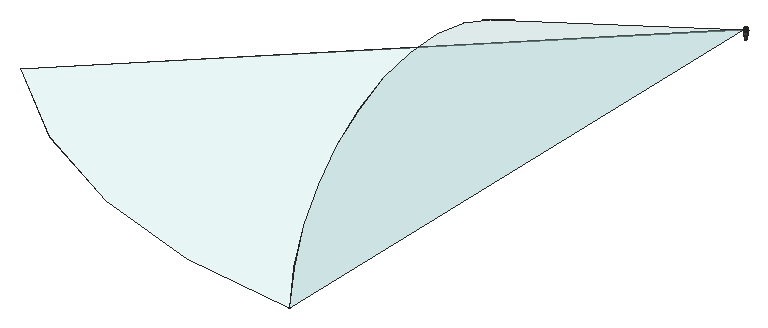
Revit family "Rotor 2045 Series - 2045A", category Acessórios do tubo, Revit 2020
Family settings
  Cota do conector redondo = Utilizar diâmetro
  Tipo de parte = Normal
  Número OmniClass = 23.60.30.11.14
  Título OmniClass = Pipework Fittings
  Com base no plano de trabalho = Não
  Sempre na vertical = Sim
  Corte com vazios quando carregada = Não
  Compartilhado = Não
Parameters (values of type "Nozzle 10")
  Water = Water
  URL = "https://www.rainbird.com/"
  TABLE 60 = "TABLE 60 psi"
  TABLE 55 = "TABLE 55psi"
  TABLE 45 = "TABLE 45psi"
  TABLE 35 = "TABLE 35psi"
  TABLE 25 = "TABLE 25psi"
  SupportProjetos: Reviw Date = ""  # constant formula
  SupportProjetos: Reviw = "R00"  # constant formula
  SupportProjetos: Level of Detail = "LOD 300"  # constant formula
  SupportProjetos: Developed = "MICHEL SOARES MOTA"  # constant formula
  SupportProjetos: Creation Date = "14/08/2020"  # constant formula
  Side inlet = no
  Rotation Water Visibility [instance] = Pop up on  # yes
  Rotation Angle [instance] = 45.00°
  RainBird: Product Link = "https://www.rainbird.com/"
  RainBird: Description = "2045A Rotor "  # constant formula
  RainBird: Comment [instance] = ""
  RainBird: Code = "B0690008"  # constant formula
  Radius [instance] = if(and(Pressure = 25.0 psi, Instance > 1 ft), size_lookup(TABLE 25, "Radius", 0 ft, Instance), if(and(Pressure = 35.0 psi, Instance > 0 ft), size_lookup(TABLE 35, "Radius", 0 ft, Instance), if(and(Pressure = 45.0 psi, Instance > 0 ft), size_lookup(TABLE 45, "Radius", 0 ft, Instance), if(and(Pressure = 55.0 psi, Instance > 0 ft), size_lookup(TABLE 55, "Radius", 0 ft, Instance), if(and(Pressure = 60.0 psi, Instance > 0 ft), size_lookup(TABLE 60, "Radius", 0 ft, Instance), 600 ft)))))  # 41 ft
  RT = 0.009893 ft
  RN = 0.041667 ft
  R5 = 0.03937 ft
  R4 = 0.049213 ft
  R3 = 0.065617 ft
  R2 = 0.107455 ft
  R1 = 0.032808 ft
  Pressure [instance] = 35.0 psi
  Pop up height = 0.164042 ft
  Pop up on [instance] = yes
  Modelo = "2045A"  # constant formula
  Instance = 6 ft
  H1 = Body height / 3  # 0.194663 ft
  Flow [instance] = if(and(Pressure = 25.0 psi, Instance > 1 ft), size_lookup(TABLE 25, "Flow", 0.0 GPM, Instance), if(and(Pressure = 35.0 psi, Instance > 0 ft), size_lookup(TABLE 35, "Flow", 0.0 GPM, Instance), if(and(Pressure = 45.0 psi, Instance > 0 ft), size_lookup(TABLE 45, "Flow", 0.0 GPM, Instance), if(and(Pressure = 55.0 psi, Instance > 0 ft), size_lookup(TABLE 55, "Flow", 0.0 GPM, Instance), if(and(Pressure = 60.0 psi, Instance > 0 ft), size_lookup(TABLE 60, "Flow", 0.0 GPM, Instance), 0.0 GPM)))))  # 4.8 GPM
  Fabricante = "Rain Bird"
  Elevação padrão = 0 ft
  Description = RainBird: Description  # "2045A Rotor "
  DD13 = 0.002625 ft
  DD12 = 0.003937 ft
  DD11 = 0.009897 ft
  DD10 = 0.016404 ft
  DD8 [instance] = if(Pop up on, Pop up height, 0 ft)  # 0.164042 ft
  DD7 = 0.019685 ft
  DD6 [instance] = 0.016404 ft
  DD5 = 0.065617 ft
  DD4 = 0.082021 ft
  DD3 = 0.295276 ft
  DD2 [instance] = 0.024514 ft
  DD9 [instance] = if(Pop up on, Pop up height + 0.049541 ft, 0.026247 ft)  # 0.213583 ft
  DD1 = 0.006562 ft
  DD = 0.114829 ft
  Conection = 0.062664 ft  # constant formula
  Body height = 0.58399 ft
  Blue = Blue Plastic
  Black Plastic = Black Plastic
  Angle = 25.00°
Types (8, lengths in ft): name | Rotation Angle | Radius | Pressure | Instance | Flow
  (no name) | 45.00° | 41 | 35.0 psi | 6 | 4.8 GPM
  Nozzle 06 | 360.00° | 37 | 35.0 psi | 1 | 2.0 GPM
  Nozzle 07 LA | 45.00° | 23 | 35.0 psi | 2 | 1.9 GPM
  Nozzle 07 | 45.00° | 39 | 45.0 psi | 3 | 3.0 GPM
  Nozzle 08 | 45.00° | 38 | 35.0 psi | 4 | 3.3 GPM
  Nozzle 10 LA | 45.00° | 29 | 35.0 psi | 5 | 4.0 GPM
  Nozzle 10 | 45.00° | 41 | 35.0 psi | 6 | 4.8 GPM
  Nozzle 12 | 45.00° | 42 | 35.0 psi | 7 | 6.3 GPM
Reference planes (ft)
  plane 1 "Centro (Frente/Trás)": y = 0
  plane 2: z = 0
  plane 3 "Centro (Esquerda/Direita)": x = 0
  plane 4: z = 0.003937
  plane 5: z = 0.002625
  plane 6: y = -0.065617
Forms (ft)
  Revolve 1, solid, material "Black Plastic" <- "Black Plastic"
    sketch origin (0, 0, 0) x (1, 0, 0) y (0, 0, 1)
      loop
        line (0.107455, -0.289018) -> (0.107455, -0.018846) -> (0.136328, -0.018846)
        arc (0.136328, -0.018846) -> (0.133415, -0.005812) -> (0.121391, 0) r 0.015342
        line (0.121391, 0) -> (0.022966, 0) -> (0.022966, 0.164042) -> (0.110538, 0.164042) -> (0.110538, 0.170878)
        arc (0.110538, 0.170878) -> (0.108361, 0.176135) -> (0.103103, 0.178312) r 0.007435
        line (0.103103, 0.178312) -> (0.006562, 0.178312) -> (0.006562, -0.044055) -> (0.03937, -0.044055) -> (0.03937, -0.334646) -> (0.019685, -0.334646) -> (0.019685, -0.551181) -> (0.041667, -0.551181) -> (0.041667, -0.58399) -> (0.049213, -0.58399) -> (0.049213, -0.551181) -> (0.065319, -0.551181)
        arc (0.065319, -0.551181) -> (0.072314, -0.548284) -> (0.075211, -0.541288) r 0.009893
        line (0.075211, -0.541288) -> (0.075211, -0.295276) -> (0.101198, -0.295276)
        arc (0.101198, -0.295276) -> (0.105623, -0.293443) -> (0.107455, -0.289018) r 0.006257
      axis (0, -0.58399) -> (0, 0.178312)
    angle from 0 to 360
  Extrusion 2, solid, material "Water" <- "Water", visible <- "Rotation Water Visibility"
    sketch origin (0, 0, 0) x (0, 1, 0) y (0, 0, 1)
      loop
        line (-0.082021, 0.117454) -> (-22.964454, 10.787708)
        arc (-22.964454, 10.787708) -> (-34.829931, 10.218209) -> (-41.082021, 0.117454) r 12.757305
        line (-41.082021, 0.117454) -> (-0.082021, 0.117454)
    from -0.008202 to 0.008202
  Extrusion 3, solid, material "Black Plastic" <- "Black Plastic", visible <- "Pop up on"
    sketch origin (-0.00137, -0.002795, -0.035698) x (-0.00469, 0.999989, 0) y (0, 0, 1)
      loop
        line (-0.040994, 0.156611) -> (-0.048436, 0.14065)
        arc (-0.048436, 0.14065) -> (-0.072997, 0.145588) -> (-0.053427, 0.129948) r 0.012889
        line (-0.053427, 0.129948) -> (-0.053427, 0.094988)
        arc (-0.053427, 0.094988) -> (-0.052568, 0.092915) -> (-0.050495, 0.092056) r 0.002932
        line (-0.050495, 0.092056) -> (-0.041469, 0.092056) -> (-0.041469, 0.095737) -> (-0.019952, 0.081224) -> (0.037968, 0.081224) -> (0.040501, 0.065363) -> (0.040501, 0.035698) -> (0.04524, 0.035698) -> (0.050298, 0.081224) -> (0.050298, 0.100559) -> (0.072978, 0.106863)
        arc (0.072978, 0.106863) -> (0.078924, 0.117387) -> (0.068401, 0.123333) r 0.008547
        line (0.068401, 0.123333) -> (0.050298, 0.110657) -> (0.050298, 0.150049)
        arc (0.050298, 0.150049) -> (0.048376, 0.154689) -> (0.043737, 0.156611) r 0.006562
        line (0.043737, 0.156611) -> (-0.040994, 0.156611)
      loop
        line (-0.034211, 0.143466) -> (-0.034211, 0.125376) -> (-0.014598, 0.11623) -> (0.01821, 0.11623) -> (0.040501, 0.108117) -> (0.040501, 0.143466) -> (-0.034211, 0.143466)
      loop
        line (-0.034211, 0.107286) -> (-0.014889, 0.094253) -> (0.040501, 0.094253) -> (0.040501, 0.104202) -> (0.016551, 0.106863) -> (-0.016257, 0.106863) -> (-0.034211, 0.118973) -> (-0.034211, 0.107286)
    from -0.012219 to 0.012755
Dimensions and locks (ft)
  "Body height": level to Revolve 1 sketch curve
  "R2": Revolve 1 sketch curve to plane 3 "Centro (Esquerda/Direita)"
  "DD3": level to Revolve 1 sketch curve
  Revolve 1 sketch curve to plane 3 "Centro (Esquerda/Direita)" = 0.075211 ft
  "R4": Revolve 1 sketch curve to plane 3 "Centro (Esquerda/Direita)"
  "RN": Revolve 1 sketch curve to plane 3 "Centro (Esquerda/Direita)"
  "DD7": Revolve 1 sketch curve to plane 3 "Centro (Esquerda/Direita)"
  "DD12": plane 4 to level
  "DD13": plane 5 to level
  "R3": plane 6 to plane 1 "Centro (Frente/Trás)"
  "DD4": plane 1 "Centro (Frente/Trás)" to Extrusion 2 sketch curve
  "Radius": Extrusion 2 sketch curve to Extrusion 2 sketch curve
  equal spacing: Extrusion 2, plane 3 "Centro (Esquerda/Direita)", Extrusion 2
  "DD6": Extrusion 2 to Extrusion 2
  "DD8": Revolve 1 sketch curve to Revolve 1 sketch curve
  "DD": Extrusion 2 sketch curve to plane 5
  "RT": radius of Revolve 1 sketch curve
  "Angle": angle Extrusion 2 sketch curve to Extrusion 2 sketch curve
  aligned and locked: level to plane 2
  aligned and locked: Revolve 1 sketch curve to Revolve 1 sketch curve
Automatic sketch dimensions
  level to Extrusion 3 sketch curve = 0 ft
  plane 4 to Extrusion 3 sketch curve = 0.100506 ft
  Extrusion 3 sketch curve to Extrusion 3 sketch curve = 0.007889 ft
  Extrusion 3 sketch curve to Extrusion 3 sketch curve = 0.002932 ft
  plane 4 to Extrusion 3 sketch curve = 0.101015 ft
  Extrusion 3 sketch curve to Extrusion 3 sketch curve = 0.00499 ft
  Extrusion 3 sketch curve to Extrusion 3 sketch curve = 0.009026 ft
  plane 4 to Extrusion 3 sketch curve = 0.116976 ft
  Extrusion 3 sketch curve to Extrusion 3 sketch curve = 0.007443 ft
  Extrusion 3 sketch curve to Extrusion 3 sketch curve = 0.019216 ft
  Extrusion 3 sketch curve to Extrusion 3 sketch curve = 0.014225 ft
  Extrusion 3 sketch curve to Extrusion 3 sketch curve = 0.021517 ft
  Extrusion 3 sketch curve to Extrusion 3 sketch curve = 0.017953 ft
  plane 4 to Extrusion 3 sketch curve = 0.054618 ft
  Extrusion 3 sketch curve to Extrusion 3 sketch curve = 0.001369 ft
  Extrusion 3 sketch curve to Extrusion 3 sketch curve = 0.001659 ft  (x2)
  plane 4 to Extrusion 3 sketch curve = 0.067228 ft  (x2)
  Extrusion 3 sketch curve to Extrusion 3 sketch curve = 0.031149 ft
  plane 4 to Extrusion 3 sketch curve = 0.041589 ft  (x2)
  Extrusion 3 sketch curve to Extrusion 3 sketch curve = 0.021417 ft
  plane 4 to Extrusion 3 sketch curve = 0.064567 ft
  Extrusion 3 sketch curve to Extrusion 3 sketch curve = 0.002534 ft  (x2)
  Extrusion 3 sketch curve to Extrusion 3 sketch curve = 0 ft  (x2)
  Extrusion 3 sketch curve to Extrusion 3 sketch curve = 0.003235 ft
  Extrusion 3 sketch curve to Extrusion 3 sketch curve = 0.004739 ft
  Extrusion 3 sketch curve to Extrusion 3 sketch curve = 0.012331 ft
  plane 4 to Extrusion 3 sketch curve = 0.083698 ft
  Extrusion 3 sketch curve to Extrusion 3 sketch curve = 0.018102 ft
  Extrusion 3 sketch curve to Extrusion 3 sketch curve = 0.002289 ft  (x2)
  Extrusion 3 sketch curve to Extrusion 3 sketch curve = 0.015861 ft
  Extrusion 3 sketch curve to Extrusion 3 sketch curve = 0.010832 ft
  Extrusion 3 sketch curve to Extrusion 3 sketch curve = 0.003682 ft
  Extrusion 3 sketch curve to Extrusion 3 sketch curve = 0.003643 ft
  Extrusion 3 sketch curve to Extrusion 3 sketch curve = 0.011549 ft
  Extrusion 3 sketch curve to Extrusion 3 sketch curve = 0.003915 ft
  Extrusion 3 sketch curve to Extrusion 3 sketch curve = 0.010098 ft
  Extrusion 3 sketch curve to Extrusion 3 sketch curve = 0.009367 ft
  Extrusion 3 sketch curve to Extrusion 3 sketch curve = 0.011687 ft
  Extrusion 3 sketch curve to Extrusion 3 sketch curve = 0.006403 ft
  Extrusion 3 sketch curve to Extrusion 3 sketch curve = 0.002816 ft
  Revolve 1 sketch curve to plane 3 "Centro (Esquerda/Direita)" = 0 ft
  Revolve 1 sketch curve to level = 0 ft
  plane 3 "Centro (Esquerda/Direita)" to Revolve 1 sketch curve = 0.006562 ft
  Revolve 1 sketch curve to Revolve 1 sketch curve = 0.016404 ft
  Revolve 1 sketch curve to Revolve 1 sketch curve = 0.032808 ft  (x2)
  Revolve 1 sketch curve to Revolve 1 sketch curve = 0.006257 ft
  Revolve 1 sketch curve to Revolve 1 sketch curve = 0.080138 ft
  Revolve 1 sketch curve to Revolve 1 sketch curve = 0.007435 ft
  Revolve 1 sketch curve to Revolve 1 sketch curve = 0.013936 ft
  Revolve 1 sketch curve to Revolve 1 sketch curve = 0.014937 ft
  Revolve 1 sketch curve to Revolve 1 sketch curve = 0.03937 ft
  Revolve 1 sketch curve to level = 0.044055 ft
  Revolve 1 sketch curve to level = 0.018846 ft
  Revolve 1 sketch curve to Revolve 1 sketch curve = 0.006836 ft
  Revolve 1 sketch curve to Revolve 1 sketch curve = 0.043762 ft
  Revolve 1 sketch curve to Revolve 1 sketch curve = 0.860602 ft
  Extrusion 2 sketch curve to level = 0.774337 ft
Nested families (ft)
  nested 1: "Water" at (0.00015, 0, -0.005978) x (0, -1, 0) z (0, 0, 1), DT9 <- "DD4", Radius <- "Radius", visible <- "Rotation Water Visibility", Rotation Angle <- "Rotation Angle", type "Water"
    with Rotation Angle 45.00°, Radius 41 ft, DT9 0.082021 ft, DT8 0 ft, DT7 164 ft, DT4 205 ft, Angle 2 315.00°
Connectors (ft)
  piping at (0, 0, -0.58399), diameter 2
    settings: on Revolve 1, index 1, connector inside diameter 609.6 mm, connector length 0 ft, flow factor 0, pipe flow 0.0 GPM, pressure drop 0.0 psi, fitting loss kfactor 0, connector angle 0.00°, fixture units 0, engagement length 0 ft, angle of deflection 0.00°, flow configuration 0, flow direction 0, fitting loss method 0, system type 28, joint type 0, gender type 0, connector reference index -1, connector utility 0, adjustable connector no, is connector primary yes, connector description ""
Definition of nested family "Water"
  Parameters (values of type "Water")
    Water Visibility (Circle) = yes
    Water = none
    URL = ""
    SupportProjetos: Reviw Date = ""  # constant formula
    SupportProjetos: Level of Detail = "LOD 300"  # constant formula
    SupportProjetos: Developed = "MICHEL SOARES MOTA"  # constant formula
    SupportProjetos: Creation Date = "16/07/2020"  # constant formula
    Rotation Angle [instance] = 90.00°
    Reviw = "R00"  # constant formula
    Radius [instance] = 14 ft
    Model = ""
    Default Elevation = 4 ft
    Description = ""
    DT9 [instance] = 0.032808 ft
    DT8 [instance] = if(Rotation Angle = 360.00°, 10 ft, 0 ft)  # 0 ft
    DT7 [instance] = 4 * Radius  # 56 ft
    DT4 [instance] = 5 * Radius  # 70 ft
    DT2 = 0.098425 ft  # constant formula
    DT6 = 0 ft
    Angle 2 [instance] = if(Rotation Angle = 360.00°, 180.00°, 360.00° - Rotation Angle)  # 270.00°
  Reference planes (ft)
    plane 1 "Centro (Frente/Trás)": y = 0
    plane 2: z = 0
    plane 3 "Centro (Esquerda/Direita)": x = 0
  Forms (ft)
    Revolve 1, solid, material <- "Water", visible <- "Water Visibility (Circle)"
      sketch origin (0, 0, 0) x (1, 0, 0) y (0, 0, 1)
        loop
          line (0.032808, 0.098425) -> (14.032808, 0.098425) -> (14.032808, 0.119259) -> (0.032808, 0.119259) -> (0.032808, 0.098425)
        axis (0, 0.098425) -> (0, 0.119259)
      angle from 0 to 360
    Extrusion 2, void
      sketch origin (0, 0, 0) x (1, 0, 0) y (0, 1, 0)
        loop
          line (0, 0) -> (70, 0) -> (70, 56)
          arc (70, 56) -> (-70.459018, 51.588344) -> (0, -70) r 81.847109
          line (0, -70) -> (0, 0)
      from 0 to 15.189231
  Cuts and joins
    Extrusion 2 cuts Revolve 1
  Dimensions and locks (ft)
    "DT2": Revolve 1 sketch curve to level
    "DT4": Extrusion 2 sketch curve to Extrusion 2 sketch curve  (x2)
    "DT6": Extrusion 2 sketch curve to plane 3 "Centro (Esquerda/Direita)"
    "DT7": Extrusion 2 sketch curve to Extrusion 2 sketch curve
    "DT8": cut or joined group of Revolve 1, Extrusion 2 to level
    "Radius": Revolve 1 sketch curve to Revolve 1 sketch curve
    "DT9": Revolve 1 sketch curve to plane 3 "Centro (Esquerda/Direita)"
    "Angle 2": angle Extrusion 2 sketch curve to Extrusion 2 sketch curve
    aligned and locked: level to plane 2
    aligned and locked: plane 1 "Centro (Frente/Trás)" to Extrusion 2 sketch curve
  Automatic sketch dimensions
    plane 3 "Centro (Esquerda/Direita)" to Extrusion 2 sketch curve = 1.088227 ft
    Revolve 1 sketch curve to plane 3 "Centro (Esquerda/Direita)" = 0 ft
    Revolve 1 sketch curve to Revolve 1 sketch curve = 0.020833 ft
    Revolve 1 sketch curve to Revolve 1 sketch curve = 0.032113 ft
    Revolve 1 sketch curve to Revolve 1 sketch curve = 10.2693 ft
